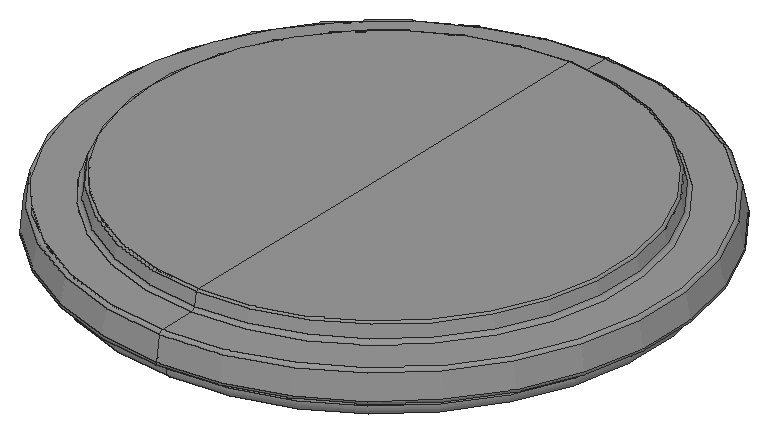
Revit family "FMK13_63_UN_Surface-mounted_ETK", category Lighting Fixtures, Revit 2017 (continued)
Definition of nested family "FMK.1 - Lightsource"
  Types (13, lengths in mm): name | Wattage Comments | Photometric Web File | built-in parameter 1150142 | Apparent Load
    FMK.1229.10 - Ø300x40 / 18W | "18W" | "FMK.1229.10.ies" | "IESNA:LM-63-2002\r\n[TEST] /2014\r\n[TESTLAB] ies2eulumdat.appspot.com\r\n[ISSUEDATE] 2021-06-16T09:02:18.810\r\n[MANUFAC] www.etk.nl\r\n[LUMCAT] FMK.1209.10\r\n[LUMINAIRE] FMK.1 LED 18W 3000/4000/5700K ø300 niet dimbaar\r\n[LAMPCAT] LED\r\n[LAMP] LED\r\nTILT=NONE\r\n1\t1710\t1\t46\t180\t1\t2\t-0.300\t-0.300\t0\r\n1.0\t1.0\t18.30\r\n0\t 2\t 4\t 6\t 8\t 10\t 12\t 14\t 16\t 18\r\n20\t 22\t 24\t 26\t 28\t 30\t 32\t 34\t 36\t 38\r\n40\t 42\t 44\t 46\t 48\t 50\t 52\t 54\t 56\t 58\r\n60\t 62\t 64\t 66\t 68\t 70\t 72\t 74\t 76\t 78\r\n80\t 82\t 84\t 86\t 88\t 90\r\n0\t 2\t 4\t 6\t 8\t 10\t 12\t 14\t 16\t 18\r\n20\t 22\t 24\t 26\t 28\t 30\t 32\t 34\t 36\t 38\r\n40\t 42\t 44\t 46\t 48\t 50\t 52\t 54\t 56\t 58\r\n60\t 62\t 64\t 66\t 68\t 70\t 72\t 74\t 76\t 78\r\n80\t 82\t 84\t 86\t 88\t 90\t 92\t 94\t 96\t 98\r\n100\t 102\t 104\t 106\t 108\t 110\t 112\t 114\t 116\t 118\r\n120\t 122\t 124\t 126\t 128\t 130\t 132\t 134\t 136\t 138\r\n140\t 142\t 144\t 146\t 148\t 150\t 152\t 154\t 156\t 158\r\n160\t 162\t 164\t 166\t 168\t 170\t 172\t 174\t 176\t 178\r\n180\t 182\t 184\t 186\t 188\t 190\t 192\t 194\t 196\t 198\r\n200\t 202\t 204\t 206\t 208\t 210\t 212\t 214\t 216\t 218\r\n220\t 222\t 224\t 226\t 228\t 230\t 232\t 234\t 236\t 238\r\n240\t 242\t 244\t 246\t 248\t 250\t 252\t 254\t 256\t 258\r\n260\t 262\t 264\t 266\t 268\t 270\t 272\t 274\t 276\t 278\r\n280\t 282\t 284\t 286\t 288\t 290\t 292\t 294\t 296\t 298\r\n300\t 302\t 304\t 306\t 308\t 310\t 312\t 314\t 316\t 318\r\n320\t 322\t 324\t 326\t 328\t 330\t 332\t 334\t 336\t 338\r\n340\t 342\t 344\t 346\t 348\t 350\t 352\t 354\t 356\t 358\r\n\r\n604.9325\t603.2919\t601.6514\t598.9367\t595.1481\t591.3474\t584.4074\t577.4673\t570.5271\t563.5989\r\n556.6589\t546.0716\t535.4844\t524.9091\t514.322\t503.7347\t489.8782\t476.0098\t462.1414\t448.2731\r\n434.4164\t417.5148\t400.6012\t383.6995\t366.7979\t349.8961\t330.7164\t311.5251\t292.3454\t273.1539\r\n253.9742\t234.7827\t215.6031\t196.4116\t177.2319\t158.0404\t0\t0\t0\t0\r\n0\t0\t0\t0\t0\t0\r\n604.9325\t603.303\t601.6736\t598.9672\t595.1776\t591.371\t584.4474\t577.518\t570.5942\t563.6772\r\n556.7804\t546.2089\t535.6382\t525.0562\t514.4711\t503.9096\t490.0793\t476.249\t462.4177\t448.5869\r\n434.7567\t417.8553\t400.9346\t384.014\t367.0954\t350.1887\t331.0138\t311.8383\t292.6629\t273.4839\r\n254.309\t235.1337\t215.9576\t196.7709\t177.5953\t158.8079\t0.4083\t0\t0\t0\r\n0\t0\t0\t0\t0\t0\r\n604.9325\t603.316\t601.6989\t599.0015\t595.1958\t591.3698\t584.4843\t577.5711\t570.6711\t563.7586\r\n556.8947\t546.3551\t535.7596\t525.1644\t514.5799\t504.0319\t490.2428\t476.4007\t462.5425\t448.6943\r\n434.9048\t418.0625\t401.1696\t384.2789\t367.3894\t350.5392\t331.4019\t312.225\t293.0468\t273.8823\r\n254.7052\t235.5402\t216.3663\t197.1991\t178.024\t160.3893\t1.6616\t0\t0\t0\r\n0\t0\t0\t0\t0\t0\r\n604.9325\t603.3306\t601.7275\t599.0433\t595.2312\t591.4156\t584.5657\t577.6625\t570.7544\t563.8431\r\n557.0019\t546.5201\t535.9272\t525.353\t514.7657\t504.264\t490.5226\t476.6557\t462.7667\t448.8924\r\n435.124\t418.3554\t401.4707\t384.5722\t367.6697\t350.8303\t331.7467\t312.5747\t293.4071\t274.2312\r\n255.0699\t235.9111\t216.7553\t197.6045\t178.4467\t162.6446\t3.8393\t0\t0\t0\r\n0\t0\t0\t0\t0\t0\r\n604.9325\t603.3467\t601.7784\t599.0852\t595.2744\t591.4839\t584.6789\t577.7818\t570.8609\t563.9373\r\n557.1543\t546.7354\t536.1372\t525.529\t514.8988\t504.4471\t490.789\t476.9063\t463.0292\t449.1418\r\n435.4474\t418.7539\t401.8361\t384.8952\t367.9622\t351.1523\t332.1531\t312.9933\t293.8363\t274.6741\r\n255.5041\t236.3482\t217.1967\t198.0491\t178.904\t165.4825\t7.0717\t0\t0\t0\r\n0\t0\t0\t0\t0\t0\r\n604.9325\t603.3646\t601.8109\t599.1301\t595.3254\t591.5822\t584.8149\t577.9154\t571.003\t564.0375\r\n557.2822\t546.9546\t536.3271\t525.6894\t515.0537\t504.6554\t491.1358\t477.2379\t463.3307\t449.4155\r\n435.7478\t419.1745\t402.2081\t385.2544\t368.2909\t351.5211\t332.6242\t313.4509\t294.2734\t275.1156\r\n255.9625\t236.8063\t217.6543\t198.5095\t179.3715\t168.6886\t11.5411\t0\t0\t0\r\n0\t0\t0\t0\t0\t0\r\n604.9325\t603.3841\t601.8434\t599.178\t595.3834\t591.6781\t584.976\t578.0752\t571.1133\t564.0963\r\n557.383\t547.1909\t536.5313\t525.8766\t515.2136\t504.8691\t491.4968\t477.5392\t463.5748\t449.6118\r\n435.9498\t419.5755\t402.6015\t385.6298\t368.6616\t351.9183\t333.1605\t313.9425\t294.7654\t275.5923\r\n256.4278\t237.2774\t218.1312\t198.9956\t179.8672\t172.0139\t17.4822\t0\t0\t0\r\n0\t0\t0\t0\t0\t0\r\n604.9325\t603.4053\t601.8759\t599.2285\t595.4497\t591.7812\t585.1731\t578.2085\t571.1927\t564.1664\r\n557.4629\t547.4497\t536.7769\t526.0887\t515.3685\t505.002\t491.8629\t477.8739\t463.8657\t449.8384\r\n436.2083\t420.1244\t403.1335\t386.0845\t369.0368\t352.2643\t333.7051\t314.4923\t295.2823\t276.0978\r\n256.9176\t237.7601\t218.6225\t199.4936\t180.379\t175.1597\t25.1927\t0\t0\t0\r\n0\t0\t0\t0\t0\t0\r\n604.9325\t603.4593\t601.9085\t599.2738\t595.5244\t591.9079\t585.3373\t578.316\t571.3136\t564.2514\r\n557.5412\t547.753\t537.0529\t526.317\t515.5469\t505.1567\t492.6884\t478.2212\t464.1752\t450.1642\r\n436.1336\t421.0943\t403.6156\t386.5209\t369.432\t352.3337\t334.5504\t315.0513\t295.836\t276.637\r\n257.4544\t238.29\t219.1493\t200.0199\t180.9108\t177.7292\t35.0259\t0\t0\t0\r\n0\t0\t0\t0\t0\t0\r\n604.9325\t603.4826\t601.941\t599.3319\t595.6075\t591.9952\t585.4602\t578.4838\t571.4702\t564.333\r\n557.6055\t548.1073\t537.3696\t526.5928\t515.7384\t504.8144\t493.0694\t478.6336\t464.5307\t450.3943\r\n436.2933\t421.64\t404.1436\t386.9492\t369.8193\t352.7072\t335.1677\t315.6771\t296.4365\t277.212\r\n258.007\t238.8258\t219.6743\t200.5397\t181.4425\t179.2574\t47.3991\t0\t0\t0\r\n0\t0\t0\t0\t0\t0\r\n604.9325\t603.5064\t601.9734\t599.3945\t595.7161\t592.0648\t585.6584\t578.7119\t571.6053\t564.412\r\n557.2136\t548.9435\t537.7363\t526.8513\t515.8959\t504.8997\t493.4258\t478.9823\t464.8596\t450.6873\r\n436.4267\t422.0138\t404.7199\t387.5204\t370.3217\t353.0976\t335.7436\t316.324\t297.0385\t277.7912\r\n258.567\t239.3682\t220.2087\t201.0815\t181.9832\t162.9148\t98.4026\t0\t0\t0\r\n0\t0\t0\t0\t0\t0\r\n604.9325\t603.5306\t602.0055\t599.4612\t595.8018\t592.0844\t585.9012\t578.9142\t571.7274\t564.5615\r\n557.281\t549.3317\t538.103\t527.1296\t516.0869\t504.9399\t493.7098\t479.4734\t465.2005\t450.9492\r\n436.7405\t422.5771\t405.4099\t388.0744\t370.7796\t353.4924\t336.2684\t316.9931\t297.6847\t278.4178\r\n259.1782\t239.9648\t220.7735\t201.6345\t182.5343\t163.481\t113.7595\t0\t0\t0\r\n0\t0\t0\t0\t0\t0\r\n604.9325\t603.5554\t602.0217\t599.532\t595.8866\t592.1561\t586.588\t579.0795\t571.9261\t564.708\r\n557.356\t549.6474\t538.4927\t527.425\t516.249\t505.0832\t494.0234\t479.9866\t465.7575\t451.3805\r\n437.0064\t422.8844\t406.0364\t388.6721\t371.3233\t353.9575\t336.8059\t317.7551\t298.3731\t279.0511\r\n259.7888\t240.5534\t221.3703\t202.2241\t183.1196\t164.0583\t128.3143\t0\t0\t0\r\n0\t0\t0\t0\t0\t0\r\n604.9325\t603.5809\t602.0558\t599.618\t595.9723\t592.2358\t586.8402\t579.3172\t572.1843\t564.8477\r\n557.415\t549.9086\t538.9015\t527.7199\t516.5471\t505.2607\t494.2777\t480.6872\t466.1976\t451.7399\r\n437.252\t422.7612\t407.2466\t389.4272\t371.966\t354.4582\t337.2243\t318.5243\t299.1108\t279.742\r\n260.4244\t241.1781\t221.9657\t202.8103\t183.7099\t164.6491\t141.3505\t0\t0\t0\r\n0\t0\t0\t0\t0\t0\r\n604.9325\t603.6071\t602.0912\t599.6912\t596.0451\t591.9798\t587.0148\t579.6483\t572.4109\t565.0026\r\n557.4889\t550.099\t539.3311\t528.166\t516.8776\t505.53\t494.0643\t481.5955\t466.7489\t452.2129\r\n437.6254\t423.0444\t408.0517\t390.1803\t372.5893\t355.0126\t337.4403\t319.5246\t299.8803\t280.4737\r\n261.1232\t241.8179\t222.5739\t203.4066\t184.3006\t165.2486\t152.0665\t0\t0\t0\r\n0\t0\t0\t0\t0\t0\r\n604.9325\t603.6338\t602.1279\t599.7642\t596.2915\t592.06\t587.2479\t579.9651\t572.6275\t565.1743\r\n557.5912\t550.1482\t539.9086\t528.6542\t517.2707\t505.7657\t494.0884\t482.1911\t467.4123\t452.7044\r\n438.0073\t423.2908\t408.632\t391.0308\t373.3713\t355.5458\t337.8389\t320.2515\t300.7003\t281.2121\r\n261.8325\t242.4922\t223.2123\t204.0069\t184.8961\t165.8551\t159.6039\t13.1538\t0\t0\r\n0\t0\t0\t0\t0\t0\r\n604.9325\t603.6611\t602.1659\t599.8376\t596.4054\t592.1391\t587.4977\t580.2805\t572.8868\t565.3787\r\n557.6678\t549.7361\t540.9527\t529.1771\t517.6731\t506.0008\t494.2758\t482.6381\t468.0299\t453.2316\r\n438.4194\t423.5879\t409.1603\t391.9077\t373.8445\t355.9972\t338.2732\t320.7969\t301.5855\t282.0214\r\n262.5566\t243.1786\t223.8823\t204.6641\t185.522\t166.4516\t162.8905\t31.8043\t0\t0\r\n0\t0\t0\t0\t0\t0\r\n604.9325\t603.6892\t602.2049\t599.908\t596.5241\t592.1992\t587.8004\t580.5758\t573.1764\t565.6227\r\n557.7326\t549.8042\t541.4288\t529.7323\t518.1144\t506.3438\t494.4987\t482.7908\t468.7329\t453.8508\r\n438.9175\t423.9507\t408.6493\t392.7359\t374.5174\t356.6496\t338.8317\t321.0335\t302.7194\t282.8805\r\n263.3626\t243.9028\t224.5481\t205.3141\t186.1662\t167.0952\t148.1118\t88.6377\t0\t0\r\n0\t0\t0\t0\t0\t0\r\n604.9325\t603.7179\t602.2449\t599.981\t596.652\t592.2995\t588.0109\t580.9296\t573.5102\t565.8506\r\n557.9219\t549.8881\t541.7121\t530.3743\t518.611\t506.7558\t494.6717\t482.47\t469.828\t454.5537\r\n439.4245\t424.0109\t408.6349\t393.3735\t375.3775\t357.3866\t339.435\t321.5173\t303.5607\t283.7689\r\n264.1651\t244.6733\t225.2874\t205.9828\t186.7886\t167.711\t148.7442\t112.1139\t0\t0\r\n0\t0\t0\t0\t0\t0\r\n604.9325\t603.7473\t602.2856\t600.0568\t596.7719\t592.4179\t588.1719\t581.3183\t573.9078\t566.0743\r\n558.1389\t549.9635\t541.9262\t531.0335\t519.2162\t507.1698\t494.9265\t482.6333\t470.329\t455.2483\r\n439.8147\t424.3822\t408.9232\t393.7403\t376.3501\t358.2294\t340.1252\t322.0395\t304.2025\t284.7408\r\n265.0668\t245.4539\t225.9736\t206.6463\t187.4435\t168.3603\t149.3849\t130.4101\t0\t0\r\n0\t0\t0\t0\t0\t0\r\n604.9325\t603.7776\t602.3343\t600.133\t596.8924\t592.5514\t588.2573\t582.1028\t574.2915\t566.3966\r\n558.3966\t550.0391\t541.4961\t532.1224\t519.854\t507.633\t495.3114\t482.8481\t470.4815\t456.3368\r\n440.5157\t424.9232\t409.2495\t393.6295\t377.6559\t359.1366\t340.8577\t322.656\t304.5206\t285.931\r\n265.9183\t246.2694\t226.7385\t207.3469\t188.0877\t168.9899\t150.0335\t142.1012\t0.9237\t0\r\n0\t0\t0\t0\t0\t0\r\n604.9325\t603.8087\t602.2411\t600.2093\t597.0138\t592.7089\t587.9814\t582.506\t574.6544\t566.7889\r\n558.6686\t550.1973\t541.4544\t532.5851\t520.5561\t508.2392\t495.7924\t483.0495\t470.1335\t457.1163\r\n441.3228\t425.5219\t409.7509\t393.9106\t378.232\t360.1469\t341.7391\t323.3504\t304.9773\t286.7673\r\n266.8982\t247.1147\t227.4881\t208.0586\t188.7792\t169.6606\t150.6879\t131.866\t21.4679\t0\r\n0\t0\t0\t0\t0\t0\r\n604.9325\t603.8407\t602.2844\t600.2854\t597.1426\t592.8591\t588.0729\t582.907\t575.0998\t567.2089\r\n558.9621\t550.3823\t541.4848\t532.7997\t521.7716\t508.9483\t496.2748\t483.3245\t470.3834\t457.4768\r\n442.2022\t426.336\t410.3521\t394.239\t378.1528\t361.5855\t342.6871\t324.0744\t305.6064\t287.3619\r\n267.8645\t248.0216\t228.3498\t208.8257\t189.4682\t170.3025\t151.3323\t132.5387\t80.029\t0\r\n0\t0\t0\t0\t0\t0\r\n604.9325\t603.8733\t602.3299\t600.3607\t597.2661\t593.1545\t588.1843\t583.2018\t575.6055\t567.6783\r\n559.3106\t550.6007\t541.5686\t532.3163\t522.4808\t509.7479\t496.8485\t483.8597\t470.6669\t457.2136\r\n443.4699\t427.2526\t410.9944\t394.713\t378.4457\t362.2796\t343.7493\t325.0072\t306.2591\t287.6577\r\n269.0839\t249.009\t229.1809\t209.5733\t190.2093\t170.9954\t151.9889\t133.1871\t107.1195\t0\r\n0\t0\t0\t0\t0\t0\r\n604.9325\t603.907\t602.3776\t600.435\t597.3875\t593.3208\t588.3223\t583.4193\t576.5313\t568.1743\r\n559.709\t550.8685\t541.7588\t532.2517\t522.878\t510.5737\t497.5582\t484.484\t471.0737\t457.3263\r\n443.9663\t428.2466\t411.8005\t395.3788\t378.7305\t362.2173\t345.2416\t325.9593\t307.1037\t288.3016\r\n269.7515\t250.003\t230.1332\t210.3898\t190.9169\t171.6613\t152.6389\t133.8373\t123.7799\t0\r\n0\t0\t0\t0\t0\t0\r\n604.9325\t603.9123\t602.428\t600.501\t597.5056\t593.4861\t588.4837\t583.5425\t577.0344\t568.7101\r\n560.1512\t551.1686\t541.9813\t532.3519\t522.4772\t511.7762\t498.5257\t485.22\t471.4735\t457.7046\r\n443.7031\t429.415\t412.8677\t396.0261\t379.2618\t362.4764\t345.8916\t327.1753\t308.035\t288.9915\r\n270.1463\t251.2322\t231.0663\t211.2373\t191.6472\t172.3408\t153.2921\t134.4874\t115.9236\t9.2138\r\n0\t0\t0\t0\t0\t0\r\n604.9325\t603.9481\t602.4812\t600.5742\t597.6202\t593.653\t588.668\t583.3077\t577.4581\t569.2983\r\n560.6533\t551.5767\t542.2042\t532.5113\t522.3616\t512.2177\t499.5876\t486.0776\t472.1462\t458.1519\r\n443.8695\t429.876\t414.2071\t396.917\t379.9187\t362.8675\t345.8321\t328.6051\t309.1102\t289.916\r\n270.7523\t251.9617\t232.0644\t212.1103\t192.4343\t173.0323\t153.9173\t135.1018\t116.562\t65.7955\r\n0\t0\t0\t0\t0\t0\r\n604.9325\t603.9852\t602.5371\t600.6467\t597.73\t593.8172\t588.8736\t583.4583\t577.7772\t570.2819\r\n561.2111\t552.1325\t542.5577\t532.7343\t522.3727\t511.8663\t500.9199\t486.9213\t472.9747\t458.7217\r\n444.2496\t429.5691\t414.7964\t398.0122\t380.7816\t363.4509\t346.0825\t328.8111\t310.4213\t290.8883\r\n271.5384\t252.3269\t233.2419\t213.0364\t193.2161\t173.736\t154.5864\t135.7567\t117.2044\t96.1475\r\n0\t0\t0\t0\t0\t0\r\n604.9325\t604.0236\t602.596\t600.7186\t597.8194\t593.9774\t589.2292\t583.6201\t577.9865\t570.7992\r\n561.8256\t552.71\t543.0652\t533.0169\t522.502\t511.8678\t501.241\t488.4687\t473.9436\t459.4936\r\n444.832\t429.7247\t414.7044\t399.4139\t381.8032\t364.1979\t346.6042\t329.0336\t311.6354\t292.1036\r\n272.4601\t253.0354\t233.7628\t214.0337\t194.1035\t174.5269\t155.255\t136.3516\t117.8305\t109.9048\r\n0\t0\t0\t0\t0\t0\r\n604.9325\t604.0637\t602.658\t600.789\t597.9215\t594.1325\t589.4529\t583.8272\t577.7627\t571.1951\r\n562.8118\t553.2917\t543.6239\t533.3822\t522.7915\t511.9619\t500.5541\t489.0998\t475.0948\t460.4654\r\n445.4767\t430.3017\t414.8994\t399.3696\t383.2919\t365.1943\t347.3191\t329.4129\t311.6006\t293.6303\r\n273.6308\t253.85\t234.3543\t215.1938\t195.0532\t175.2777\t155.9455\t136.9913\t118.4168\t100.2246\r\n10.9351\t0\t0\t0\t0\t0\r\n604.9325\t604.1049\t602.7234\t600.8579\t598.021\t594.2782\t589.6773\t584.0732\t577.9255\t571.4711\r\n563.458\t554.0039\t544.2463\t533.8777\t523.2306\t512.1995\t500.5102\t488.6583\t476.4436\t461.6248\r\n446.3237\t431.0595\t415.3954\t399.5376\t383.6965\t366.7259\t348.2364\t330.1152\t311.8732\t293.8363\r\n275.1387\t254.8952\t235.1611\t215.6652\t196.0554\t176.1444\t156.6456\t137.594\t119.0254\t100.8532\r\n68.8785\t0\t0\t0\t0\t0\r\n604.9325\t604.3797\t602.795\t600.7955\t598.1176\t594.4184\t589.9421\t584.4807\t578.1293\t571.2717\r\n564.0225\t555.1365\t544.9684\t534.4889\t523.7521\t512.5133\t500.6805\t488.5879\t476.1182\t463.0735\r\n447.6366\t431.9684\t416.1152\t399.9456\t383.6989\t367.3767\t349.5599\t330.9731\t312.5046\t294.0321\r\n275.9095\t256.218\t236.1048\t216.3684\t197.0093\t177.0397\t157.4158\t138.2701\t119.6169\t101.4035\r\n91.2126\t0\t0\t0\t0\t0\r\n604.9325\t604.4205\t602.8672\t600.8728\t598.211\t594.5549\t590.1569\t584.7672\t578.3807\t571.4627\r\n564.3113\t555.8405\t545.7988\t535.2615\t524.3877\t512.92\t501.0143\t488.7096\t476.0305\t462.7583\r\n449.2912\t433.217\t417.0958\t400.713\t384.1708\t367.2088\t350.6545\t332.2272\t313.392\t294.5441\r\n275.8683\t257.4578\t237.4149\t217.2362\t197.4869\t178.1427\t158.2694\t138.9226\t120.2106\t101.9885\r\n84.2445\t0\t0\t0\t0\t0\r\n604.9325\t604.4609\t602.9426\t600.9571\t598.301\t594.685\t590.3595\t585.0141\t578.795\t571.7158\r\n564.1432\t556.2603\t546.8908\t536.205\t525.1774\t513.5407\t501.5676\t489.0287\t476.1442\t462.6532\r\n448.9921\t434.8922\t418.416\t401.8982\t384.7929\t367.6136\t350.3325\t333.3151\t314.6323\t295.4577\r\n276.336\t257.5068\t238.7779\t218.4036\t198.3424\t178.728\t159.174\t139.7342\t120.8004\t102.4847\r\n84.7775\t45.5539\t0\t0\t0\t0\r\n604.9325\t604.5006\t603.0216\t601.0606\t598.3865\t594.8079\t590.54\t585.2417\t579.0807\t572.1467\r\n564.4011\t556.1409\t547.4037\t537.4374\t526.1369\t514.3405\t502.2658\t489.5783\t476.4823\t462.9105\r\n448.8591\t434.6232\t420.0685\t403.4046\t385.7751\t368.4205\t350.8718\t333.1656\t315.607\t296.8929\r\n277.2305\t257.8752\t238.7581\t219.918\t199.4756\t179.4703\t160.1376\t140.5119\t121.4449\t103.0157\r\n85.2703\t74.215\t0\t0\t0\t0\r\n604.9325\t604.5394\t603.1042\t601.1584\t598.3492\t594.9234\t590.7019\t585.451\t579.3531\t572.4943\r\n564.7651\t556.3877\t547.3688\t538.0224\t527.3866\t515.3535\t503.115\t490.3931\t476.9994\t463.303\r\n449.0547\t434.4994\t419.6921\t404.5604\t387.5106\t369.5539\t351.7313\t333.6797\t315.5431\t297.2741\r\n278.797\t258.7661\t239.2377\t219.9717\t200.9556\t180.5254\t160.6648\t141.5044\t122.1648\t103.5896\r\n85.7592\t68.6221\t0\t0\t0\t0\r\n604.9325\t604.5773\t603.1902\t601.2632\t598.4516\t595.0092\t590.8464\t585.643\t579.6101\t572.8202\r\n565.325\t556.7647\t547.6995\t538.0024\t527.9437\t516.6478\t504.4938\t491.4266\t477.8344\t463.9221\r\n449.6332\t434.78\t419.7115\t403.8594\t387.7921\t371.4508\t353.0947\t334.6903\t316.1395\t297.631\r\n278.8793\t260.2808\t240.1353\t220.3427\t201.0312\t181.9801\t161.6499\t142.0644\t123.0333\t104.2161\r\n86.2409\t69.0879\t15.2173\t0\t0\t0\r\n604.9325\t604.6141\t603.2798\t601.3757\t598.5679\t594.9853\t590.9493\t585.8192\t579.8489\t573.1198\r\n565.7109\t557.3403\t548.3007\t538.393\t527.9435\t517.2634\t505.3927\t492.933\t478.9816\t464.8927\r\n450.474\t435.4187\t420.1142\t403.9636\t387.6809\t371.1777\t354.5307\t336.6039\t317.3934\t298.4472\r\n279.3102\t260.28\t241.3379\t221.3309\t201.4226\t182.0109\t163.0786\t142.9823\t123.7395\t104.974\r\n86.81\t69.5539\t58.969\t0\t0\t0\r\n604.9325\t604.6498\t603.6043\t601.4957\t598.6984\t595.1135\t590.9331\t585.9739\t580.0893\t573.3916\r\n566.0512\t557.7504\t548.7954\t539.0648\t528.4009\t517.3472\t505.5605\t493.6743\t480.4541\t466.4352\r\n451.5987\t436.4298\t420.8587\t404.6187\t388.0855\t371.2381\t354.0167\t336.6193\t319.1551\t299.9255\r\n280.4523\t260.8892\t241.3921\t222.136\t202.5984\t182.4131\t163.0718\t144.3638\t124.5764\t105.7842\r\n87.4272\t70.0349\t53.7077\t0\t0\t0\r\n604.9325\t604.6844\t603.6946\t601.6237\t598.8432\t595.2649\t591.0743\t585.9936\t580.2878\t573.6051\r\n566.3212\t558.1173\t549.2219\t539.5715\t529.1248\t518.0448\t506.0844\t493.7649\t480.7344\t467.3507\r\n453.0676\t438.029\t422.0569\t405.7673\t388.9954\t371.8917\t354.386\t336.673\t318.7419\t300.4149\r\n282.1798\t262.3184\t242.4052\t222.5131\t202.8279\t183.5184\t163.5632\t144.2653\t1
